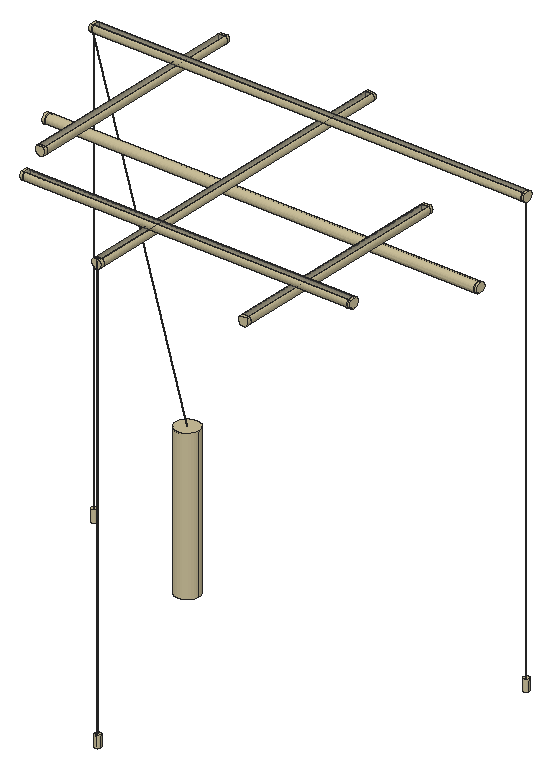
Revit family "PANZERI_HILOW_SUSPENSION_LIGHT", category Lighting Fixtures, host Face, Revit 2018
Family settings
  Host = Face
  Round Connector Dimension = Use Diameter
  Part Type = Normal
  OmniClass Number = 23.80.70.00
  OmniClass Title = Lighting
  Cut with Voids When Loaded = No
  Light Source = Yes
  Shared = No
  Room Calculation Point = Yes
Parameters (values of type "SoftEmission_BlackScreen_MatBrass")
  Wattage = 14.2586 W
  WIDTH = 1130 mm  # constant formula
  WEIGHT = 2.80 kg  # constant formula
  WATTAGE = 80 W  # constant formula
  built-in parameter 1150110 = 1 (stored number, unit not read)
  VOLTAGE = 0 V
  USAGE = "INDOOR - SUSPENSION"  # constant formula
  URL = "https://panzeri.it/en/"
  Type Comments = "Direct and indirect light emission."  # constant formula
  built-in parameter 1114217 = 1 (stored number, unit not read)
  Tilt Angle = -90.00°  # constant formula
  built-in parameter 1150109 = 1 (stored number, unit not read)
  built-in parameter 1150134 = (empty or 0)
  TOTAL HEIGHT [instance] = CABLE LENGTH + HEIGHT  # 1070 mm
  TECHNICAL SHEET = "https://panzeri.it/en/products/product-family/design/indoor/hilow/147/"
  built-in parameter 1150113 = 1 (stored number, unit not read)
  STRUCTURE MATERIAL = PANZERI_ALUMINIUM_POLYACRYLIC_PAINT_MAT_BRASS_19
  Photometric Web File = "Hilow black suspended L029__.115.0502 - 9072.IES"
  built-in parameter 1150105 = 168.55 (stored number, unit not read)
  Lumens = 2118 lm
  built-in parameter 1150115 = 1 (stored number, unit not read)
  Light Source Symbol Size = 300 mm
  built-in parameter 1150137 = (empty or 0)
  built-in parameter 1150139 = (empty or 0)
  built-in parameter 1150112 = 1 (stored number, unit not read)
  built-in parameter 1150114 = 1 (stored number, unit not read)
  LIGHTING SPECIFICATION = "LED 80W | 2700K | Ra>90 | 2118lm | 220-240V AC | dimmable (DALI |Push DIM)"
  built-in parameter 1150132 = 2
  built-in parameter 1150102 = (empty or 0)
  built-in parameter 1150107 = 2700 (stored number, unit not read)
  built-in parameter 1150138 = (empty or 0)
  built-in parameter 1150106 = 1.6855 (stored number, unit not read)
  IP RATING = "IP20"  # constant formula
  IK RATING = ""
  HEIGHT = 70 mm  # constant formula
  FREQUENCY RANGE = "50/60Hz"  # constant formula
  FREQUENCY = 0 Hz
  built-in parameter 1150104 = 13.8 (stored number, unit not read)
  Dimming Lamp Color Temperature Shift = <None>
  DEPTH = 820 mm  # constant formula
  PRODUCT SHEET = "https://www.archiproducts.com/en/products/panzeri/led-aluminium-pendant-lamp-hilow_489087"
  PRODUCT CODE = "L02919.115.0502"
  POWER SUPPLY = "220-240V AC"  # constant formula
  PACKAGING = "87,0 x 118,0 x 14,0 cm"  # constant formula
  Model = "HILOW SUSPENSION"  # constant formula
  Manufacturer = "PANZERI"  # constant formula
  MATERIAL DESCRIPTION = "Extruded aluminium structure in polyacrylic paint. Joints in turned brass and die-cast aluminium in polyacrylic paint. Die-cast aluminium end caps in polyacrylic paint. Extruded polycarbonate diffusers with opaline or black finish. Reversible suspension kit with griplocks and 5m <196,9in> long steel cables. 5m <196,9in> long power cable in transparent PVC."  # constant formula
  Lamp = "LED"  # constant formula
  LAMP MATERIAL = PANZERI_POLYCARBONATE_BLACK_SCREEN_Light_on
  INSTALLATION INSTRUCTIONS = "https://panzeri.it/en/products/product-family/design/indoor/hilow/147/"
  Color Filter = 16777215
  CANOPY MATERIAL = PANZERI_ALUMINIUM_POLYACRYLIC_PAINT_MAT_BRASS_19
  CABLE LENGTH_CONTROL [instance] = 1000 mm
  ENERGY EFFICIENCY CLASS = "N/D"  # constant formula
  Description = "Suspension lighting fixture for interiors, with direct and indirect light emission.‎"  # constant formula
  Default Elevation = 1219.2 mm
  DESIGNER = "Matteo Thun"  # constant formula
  COLOR RENDERING INDEX = "Ra>90"  # constant formula
  COLLECTION = "HILOW"  # constant formula
  CABLE MATERIAL = PANZERI_PVC_TRANSPARENT
  CABLE LENGTH [instance] = if(CABLE LENGTH_CONTROL > 5000 mm, 5000 mm, if(CABLE LENGTH_CONTROL < 1 mm, 1 mm, CABLE LENGTH_CONTROL))  # 1000 mm
  built-in parameter 1114218 = 1 (stored number, unit not read)
  BIM USER MANUAL = "https://bimcad.edilportale.com/PANZERI-BIM-USER-MANUAL-PANZERI-bim.pdf"
  BIM BADGE = "https://bim.archiproducts.com/en/badge/bim-archiproducts-featured_658700/about"
  BIM AUTHOR = "https://bim.archiproducts.com"
  built-in parameter 1150133 = 10 (stored number, unit not read)
  Apparent Load = 0 VA
  AVAILABLE FINISHES = "Structure and Canopy covering: white, mat black, bronze, mat brass or titanium; Diffusers: Opaline or black screen. CUSTOM finishes available only on request."  # constant formula
  ACCESSORIES = "DRIVER: integrated included | Canopy for power supply with 3 outputs and covering included"  # constant formula
Types (2, lengths in mm): name | Wattage | Photometric Web File | built-in parameter 1150105 | Lumens | LIGHTING SPECIFICATION | built-in parameter 1150106 | PRODUCT CODE | LAMP MATERIAL
  HighEmission_OpalScreen_MatBrass | 33.9635 W | "Hilow opal suspended L028__.115.0502 - 9072.IES" | 401.47 (stored number, unit not read) | 5045 lm | "LED 80W | 2700K | Ra>90 | 5045lm | 220-240V AC | dimmable (DALI |Push DIM)" | 4.0147 (stored number, unit not read) | "L02819.115.0502" | PANZERI_POLYCARBONATE_OPALINE_SCREEN_Light_on
  SoftEmission_BlackScreen_MatBrass | 14.2586 W | "Hilow black suspended L029__.115.0502 - 9072.IES" | 168.55 (stored number, unit not read) | 2118 lm | "LED 80W | 2700K | Ra>90 | 2118lm | 220-240V AC | dimmable (DALI |Push DIM)" | 1.6855 (stored number, unit not read) | "L02919.115.0502" | PANZERI_POLYCARBONATE_BLACK_SCREEN_Light_on
Reference planes
  plane 1 "Center (Front/Back)": y = 0
  plane 2: z = 0
  plane 3 "Center (Left/Right)": x = 0
  plane 4 "LIGHT SOURCE PLAN": z = 1070
  plane 5 "TOP": z = 1070
  plane 6 "BOTTOM": z = 1000
  plane 7 "CABLE BOTTOM": z = 29
  plane 8: y = 410
  plane 9: y = -410
  plane 10: x = -565
  plane 11: x = 565
  plane 12 "CABLE PLAN": z = 1045.618
Forms (mm)
  Extrusion 1, solid, material "PANZERI_ALUMINIUM_POLYACRYLIC_PAINT_MAT_BRASS_19" <- "STRUCTURE MATERIAL", detail levels fine
    sketch origin (0, 0, 0) x (1, 0, 0) y (0, 1, 0)
      loop
        circle (-22.5, -405.751) r 6.655
      loop
        circle (-562.828, 259.476) r 6.655
      loop
        circle (467.828, 259.476) r 6.655
    from 0 to 27
  Extrusion 2, solid, material "PANZERI_ALUMINIUM_POLYACRYLIC_PAINT_MAT_BRASS_19" <- "CANOPY MATERIAL", detail levels fine
    sketch origin (0, 0, 0) x (1, 0, 0) y (0, 1, 0)
      loop
        circle (-259.426, 157.025) r 27.5
    from 0 to 354
  Extrusion 3, solid, material "PANZERI_PVC_TRANSPARENT" <- "CABLE MATERIAL", detail levels medium+fine
    sketch origin (0, 0, 0) x (1, 0, 0) y (0, 1, 0)
      loop
        circle (-562.828, 259.476) r 1
      loop
        circle (467.828, 259.476) r 1
      loop
        circle (-22.5, -405.751) r 1
    from 0 to 1045.618
  Blend 4, solid, material "PANZERI_PVC_TRANSPARENT" <- "CABLE MATERIAL", detail levels fine
    base sketch origin (0, 0, 1070) x (-1, 0, 0) y (0, -1, 0)
      loop
        circle (259.426, -157.025) r 1.002
    top sketch origin (0, 0, 1070) x (-1, 0, 0) y (0, -1, 0)
      loop
        circle (562.933, -256.825) r 0.979
    from -716 to -24.382
Lines and regions (mm)
  symbolic lines, detail levels coarse
    curve 1: line (-565, 0, 1070) -> (565, 0, 1070)
    curve 2: line (-565, 0, 1000) -> (-565, 0, 1070)
    curve 3: line (565, 0, 1000) -> (-565, 0, 1000)
    curve 4: line (565, 0, 1070) -> (565, 0, 1000)
    curve 5: line (0, 0, 0) -> (0, 0, 1000)
    curve 6: line (0, 0, 0) -> (0, 0, 1000)
Dimensions and locks
  "TOTAL HEIGHT": plane 5 "TOP" to plane 2
  "HEIGHT": plane 5 "TOP" to plane 6 "BOTTOM"
  equal spacing: curve 4, plane 3 "Center (Left/Right)", curve 2
  "WIDTH": curve 4 to curve 2
  equal spacing: plane 8, plane 1 "Center (Front/Back)", plane 9
  "DEPTH": plane 8 to plane 9
  equal spacing: plane 10, plane 3 "Center (Left/Right)", plane 11
  "WIDTH": plane 10 to plane 11
  locked: plane 7 "CABLE BOTTOM" to plane 2 at 29
  locked: Extrusion 2 to plane 2 at 354
  locked: plane 5 "TOP" to plane 12 "CABLE PLAN" at 24.382
  aligned and locked: plane 2 to host face
  aligned and locked: level to host face
  aligned and locked: curve 1 to plane 5 "TOP"
  aligned and locked: plane 4 "LIGHT SOURCE PLAN" to imposter light
  aligned and locked: plane 12 "CABLE PLAN" to Extrusion 3
  aligned and locked: nested 2 to plane 6 "BOTTOM"
  aligned and locked: plane 4 "LIGHT SOURCE PLAN" to plane 5 "TOP"
  aligned and locked: Blend 4 to Extrusion 2
  aligned and locked: plane 12 "CABLE PLAN" to Blend 4
  aligned and locked: plane 6 "BOTTOM" to curve 5
  aligned and locked: plane 6 "BOTTOM" to curve 6
Automatic sketch dimensions
  host sketch curve to host sketch curve = 2438.4 mm  (x2)
  plane 10 to Extrusion 1 sketch curve = 2.172 mm
  Extrusion 1 sketch curve to plane 9 = 4.249 mm
  Extrusion 1 sketch curve to plane 3 "Center (Left/Right)" = 22.5 mm
  plane 11 to Extrusion 1 sketch curve = 97.172 mm
  Extrusion 1 sketch curve to plane 8 = 150.524 mm  (x2)
  Extrusion 2 sketch curve to plane 3 "Center (Left/Right)" = 259.426 mm
  Extrusion 2 sketch curve to plane 1 "Center (Front/Back)" = 157.025 mm
  plane 10 to Extrusion 3 sketch curve = 2.172 mm
  Extrusion 3 sketch curve to plane 9 = 4.249 mm
  Extrusion 3 sketch curve to plane 3 "Center (Left/Right)" = 22.5 mm
  plane 11 to Extrusion 3 sketch curve = 97.172 mm
  Extrusion 3 sketch curve to plane 8 = 150.524 mm  (x2)
  Blend 4 sketch curve to plane 3 "Center (Left/Right)" = 259.426 mm
  Blend 4 sketch curve to plane 1 "Center (Front/Back)" = 157.025 mm
  plane 10 to Blend 4 sketch curve = 2.067 mm
  Blend 4 sketch curve to plane 8 = 153.175 mm
  curve 5 to plane 1 "Center (Front/Back)" = 0 mm
  curve 5 to level = 0 mm
  curve 6 to level = 0 mm
  curve 6 to plane 3 "Center (Left/Right)" = 0 mm
  radius of Extrusion 1 sketch curve = 6.655 mm  (x3)
  radius of Extrusion 2 sketch curve = 27.5 mm
  radius of Extrusion 3 sketch curve = 1 mm  (x3)
  radius of Blend 4 sketch curve = 1.002 mm
  radius of Blend 4 sketch curve = 0.979 mm
Nested families
  nested 1: "Lighting symbol" at (0, 0, 0) x (0.7071, -0.7071, 0) z (0, 0, 1), Light Source Symbol Size <- "Light Source Symbol Size", type "Lighting symbol", detail levels coarse
    with Light Source Symbol Size 300 mm
  nested 2: "1_body_PANZERI_HILOW_SUSPENSION_LIGHT" at (-0.022, 0.033, 1000), LAMP MATERIAL <- "LAMP MATERIAL", STRUCTURE MATERIAL <- "STRUCTURE MATERIAL", type "1_body_PANZERI_HILOW_SUSPENSION_LIGHT"
    with STRUCTURE MATERIAL PANZERI_ALUMINIUM_POLYACRYLIC_PAINT_MAT_BRASS_19, LAMP MATERIAL PANZERI_POLYCARBONATE_BLACK_SCREEN_Light_on
Connectors
  electrical at (-259.426, 157.025, 0), driven by "VOLTAGE", driven by "Apparent Load"
    settings: on Extrusion 2, index 1, voltage 0 V, apparent load 0 VA, apparent load phase1 0 VA, apparent load phase2 0 VA, apparent load phase3 0 VA, power factor 1, load classification "Lighting", number of poles 1, system type 30, power factor state 1, is connector primary yes, connector utility no, sub classification motor no, connector description ""
Definition of nested family "1_body_PANZERI_HILOW_SUSPENSION_LIGHT"
  Parameters (values of type "1_body_PANZERI_HILOW_SUSPENSION_LIGHT")
    STRUCTURE MATERIAL [instance] = none
    LAMP MATERIAL [instance] = none
    Default Elevation = 1219.2 mm
  Reference planes
    plane 1 "Light Source Axis (F/B)": y = 0
    plane 2: z = 0
    plane 3 "Light Source Axis (L/R)": x = 0
    plane 4 "Light Source Elevation": z = 0
  Forms (mm)
    Extrusion 1, solid, material <- "STRUCTURE MATERIAL", detail levels fine
      sketch origin (47.5, -0.115, 500.134) x (0, 1, 0) y (0, 0, 1)
        loop
          arc (251.707, -434.256) -> (259.46, -454.398) -> (267.214, -434.256) r 11.564
          line (267.214, -434.256) -> (266.543, -434.926)
          arc (266.543, -434.926) -> (259.46, -453.451) -> (252.377, -434.926) r 10.616
          line (252.377, -434.926) -> (251.707, -434.256)
      from -607 to 417
    Extrusion 2, solid, material <- "STRUCTURE MATERIAL", detail levels fine
      sketch origin (47.5, -0.115, 500.134) x (0, 1, 0) y (0, 0, 1)
        loop
          arc (251.707, -434.256) -> (259.46, -454.398) -> (267.214, -434.256) r 11.564
          line (267.214, -434.256) -> (251.707, -434.256)
      from 417 to 423.5
    Extrusion 3, solid, material <- "STRUCTURE MATERIAL", detail levels fine
      sketch origin (-103.5, -0.115, 500.134) x (0, 1, 0) y (0, 0, 1)
        loop
          arc (251.707, -434.256) -> (259.46, -454.398) -> (267.214, -434.256) r 11.564
          line (267.214, -434.256) -> (251.707, -434.256)
      from -462.5 to -456
    Extrusion 4, solid, material <- "LAMP MATERIAL", detail levels fine
      sketch origin (0, 259.379, 45.735) x (0, 1, 0) y (0, 0, 1)
        loop
          line (7.72, 20.143) -> (-7.787, 20.143) -> (-7.116, 19.472) -> (7.049, 19.472) -> (7.72, 20.143)
      from -559.5 to 464.5
    Extrusion 5, solid, material <- "STRUCTURE MATERIAL", detail levels fine
      sketch origin (47.5, 0.115, 500.134) x (0, -1, 0) y (0, 0, -1)
        loop
          line (251.707, 434.256) -> (252.377, 434.926)
          arc (252.377, 434.926) -> (259.46, 453.451) -> (266.543, 434.926) r 10.616
          line (266.543, 434.926) -> (267.214, 434.256)
          arc (267.214, 434.256) -> (259.46, 454.398) -> (251.707, 434.256) r 11.564
      from -357 to 417
    Extrusion 6, solid, material <- "STRUCTURE MATERIAL", detail levels fine
      sketch origin (47.5, 0.115, 500.134) x (0, -1, 0) y (0, 0, -1)
        loop
          line (251.707, 434.256) -> (267.214, 434.256)
          arc (267.214, 434.256) -> (259.46, 454.398) -> (251.707, 434.256) r 11.564
      from 417 to 423.5
    Extrusion 7, solid, material <- "STRUCTURE MATERIAL", detail levels fine
      sketch origin (-103.5, 0.115, 500.134) x (0, -1, 0) y (0, 0, -1)
        loop
          line (251.707, 434.256) -> (267.214, 434.256)
          arc (267.214, 434.256) -> (259.46, 454.398) -> (251.707, 434.256) r 11.564
      from -212.5 to -206
    Extrusion 8, solid, material <- "LAMP MATERIAL", detail levels fine
      sketch origin (0, -259.379, 45.735) x (0, -1, 0) y (0, 0, -1)
        loop
          line (7.72, -20.143) -> (7.049, -19.472) -> (-7.116, -19.472) -> (-7.787, -20.143) -> (7.72, -20.143)
      from -309.5 to 464.5
    Extrusion 9, solid, material <- "STRUCTURE MATERIAL", detail levels fine
      sketch origin (47.5, -259.46, -434.256) x (0, 1, 0) y (0, 0, 1)
        loop
          line (251.707, 434.256) -> (252.377, 434.926)
          arc (252.377, 434.926) -> (259.46, 453.451) -> (266.543, 434.926) r 10.616
          line (266.543, 434.926) -> (267.214, 434.256)
          arc (267.214, 434.256) -> (259.46, 454.398) -> (251.707, 434.256) r 11.564
      from -512 to 512
    Extrusion 10, solid, material <- "STRUCTURE MATERIAL", detail levels fine
      sketch origin (47.5, -259.46, -434.256) x (0, 1, 0) y (0, 0, 1)
        loop
          line (251.707, 434.256) -> (267.214, 434.256)
          arc (267.214, 434.256) -> (259.46, 454.398) -> (251.707, 434.256) r 11.564
      from 512 to 518.5
    Extrusion 11, solid, material <- "STRUCTURE MATERIAL", detail levels fine
      sketch origin (-103.5, -259.46, -434.256) x (0, 1, 0) y (0, 0, 1)
        loop
          line (251.707, 434.256) -> (267.214, 434.256)
          arc (267.214, 434.256) -> (259.46, 454.398) -> (251.707, 434.256) r 11.564
      from -367.5 to -361
    Extrusion 12, solid, material <- "LAMP MATERIAL", detail levels fine
      sketch origin (0, 0.033, 20.143) x (0, 1, 0) y (0, 0, 1)
        loop
          line (7.72, -20.143) -> (7.049, -19.472) -> (-7.116, -19.472) -> (-7.787, -20.143) -> (7.72, -20.143)
      from -464.5 to 559.5
    Extrusion 13, solid, material <- "STRUCTURE MATERIAL", detail levels fine
      sketch origin (0, 0, 0) x (1, 0, 0) y (0, 0, 1)
        loop
          arc (-380.232, 43.044) -> (-372.478, 22.901) -> (-364.725, 43.044) r 11.564
          line (-364.725, 43.044) -> (-365.396, 42.373)
          arc (-365.396, 42.373) -> (-372.478, 23.848) -> (-379.561, 42.373) r 10.616
          line (-379.561, 42.373) -> (-380.232, 43.044)
      from -402.467 to 133.533
    Extrusion 14, solid, material <- "LAMP MATERIAL", detail levels fine
      sketch origin (0, 0, 0) x (1, 0, 0) y (0, 0, 1)
        loop
          line (-379.561, 42.373) -> (-365.396, 42.373) -> (-364.725, 43.044) -> (-380.232, 43.044) -> (-379.561, 42.373)
      from -402.467 to 133.533
    Extrusion 15, solid, material <- "STRUCTURE MATERIAL", detail levels fine
      sketch origin (0, 0, 0) x (1, 0, 0) y (0, 0, 1)
        loop
          arc (-380.232, 43.044) -> (-372.478, 22.901) -> (-364.725, 43.044) r 11.564
          line (-364.725, 43.044) -> (-380.232, 43.044)
      from 133.533 to 140.033
    Extrusion 16, solid, material <- "STRUCTURE MATERIAL", detail levels fine
      sketch origin (0, 50.033, 0) x (1, 0, 0) y (0, 0, 1)
        loop
          arc (-380.232, 43.044) -> (-372.478, 22.901) -> (-364.725, 43.044) r 11.564
          line (-364.725, 43.044) -> (-380.232, 43.044)
      from -358.933 to -352.433
    Extrusion 17, solid, material <- "STRUCTURE MATERIAL", detail levels fine
      sketch origin (350, 0, 0) x (1, 0, 0) y (0, 0, 1)
        loop
          arc (-380.232, 43.044) -> (-372.478, 22.901) -> (-364.725, 43.044) r 11.564
          line (-364.725, 43.044) -> (-365.396, 42.373)
          arc (-365.396, 42.373) -> (-372.478, 23.848) -> (-379.561, 42.373) r 10.616
          line (-379.561, 42.373) -> (-380.232, 43.044)
      from -402.467 to 402.533
    Extrusion 18, solid, material <- "LAMP MATERIAL", detail levels fine
      sketch origin (350, 0, 0) x (1, 0, 0) y (0, 0, 1)
        loop
          line (-379.561, 42.373) -> (-365.396, 42.373) -> (-364.725, 43.044) -> (-380.232, 43.044) -> (-379.561, 42.373)
      from -402.467 to 402.533
    Extrusion 19, solid, material <- "STRUCTURE MATERIAL", detail levels fine
      sketch origin (350, 0, 0) x (1, 0, 0) y (0, 0, 1)
        loop
          arc (-380.232, 43.044) -> (-372.478, 22.901) -> (-364.725, 43.044) r 11.564
          line (-364.725, 43.044) -> (-380.232, 43.044)
      from 402.533 to 409.033
    Extrusion 20, solid, material <- "STRUCTURE MATERIAL", detail levels fine
      sketch origin (350, 50.033, 0) x (1, 0, 0) y (0, 0, 1)
        loop
          arc (-380.232, 43.044) -> (-372.478, 22.901) -> (-364.725, 43.044) r 11.564
          line (-364.725, 43.044) -> (-380.232, 43.044)
      from -358.933 to -352.433
    Extrusion 21, solid, material <- "STRUCTURE MATERIAL", detail levels fine
      sketch origin (700, 0, 0) x (1, 0, 0) y (0, 0, 1)
        loop
          arc (-380.232, 43.044) -> (-372.478, 22.901) -> (-364.725, 43.044) r 11.564
          line (-364.725, 43.044) -> (-365.396, 42.373)
          arc (-365.396, 42.373) -> (-372.478, 23.848) -> (-379.561, 42.373) r 10.616
          line (-379.561, 42.373) -> (-380.232, 43.044)
      from -133.467 to 402.533
    Extrusion 22, solid, material <- "LAMP MATERIAL", detail levels fine
      sketch origin (700, 0, 0) x (1, 0, 0) y (0, 0, 1)
        loop
          line (-379.561, 42.373) -> (-365.396, 42.373) -> (-364.725, 43.044) -> (-380.232, 43.044) -> (-379.561, 42.373)
      from -133.467 to 402.533
    Extrusion 23, solid, material <- "STRUCTURE MATERIAL", detail levels fine
      sketch origin (700, 0, 0) x (1, 0, 0) y (0, 0, 1)
        loop
          arc (-380.232, 43.044) -> (-372.478, 22.901) -> (-364.725, 43.044) r 11.564
          line (-364.725, 43.044) -> (-380.232, 43.044)
      from 402.533 to 409.033
    Extrusion 24, solid, material <- "STRUCTURE MATERIAL", detail levels fine
      sketch origin (700, 50.033, 0) x (1, 0, 0) y (0, 0, 1)
        loop
          arc (-380.232, 43.044) -> (-372.478, 22.901) -> (-364.725, 43.044) r 11.564
          line (-364.725, 43.044) -> (-380.232, 43.044)
      from -89.933 to -83.433
    Extrusion 25, solid, detail levels medium
      sketch origin (0, 0, 0) x (1, 0, 0) y (0, 1, 0)
        loop
          line (-384.097, 408.967) -> (-384.097, 270.935) -> (-566, 270.935) -> (-566, -48.436) -> (-384.042, -48.436) -> (-384.042, -270.944) -> (-34.042, -270.944) -> (-34.042, -409.033) -> (339.069, -409.033) -> (339.069, -270.778) -> (566, -270.778) -> (566, 11.555) -> (471, 11.555) -> (471, 288.967) -> (-10.915, 288.967) -> (-10.915, 408.967) -> (-384.097, 408.967)
      from 0 to 65.878
  Lines and regions (mm)
    symbolic lines, detail levels coarse
      curve 1: line (-566, 0, 65.878) -> (566, 0, 65.878)
      curve 2: line (-566, 0, 0) -> (-566, 0, 65.878)
      curve 3: line (566, 0, 0) -> (-566, 0, 0)
      curve 4: line (566, 0, 65.878) -> (566, 0, 0)
      curve 5: line (0, 408.967, 65.878) -> (0, -409.033, 65.878)
      curve 6: line (0, 408.967, 0) -> (0, 408.967, 65.878)
      curve 7: line (0, -409.033, 0) -> (0, 408.967, 0)
      curve 8: line (0, -409.033, 65.878) -> (0, -409.033, 0)
  Dimensions and locks
    aligned and locked: level to plane 2
Definition of nested family "Lighting symbol"
  Parameters (values of type "Lighting symbol")
    Light Source Symbol Size [instance] = 350 mm
  Reference planes
    plane 1 "Center (Front/Back)": y = 0
    plane 2: z = 0
    plane 3 "Center (Left/Right)": x = 0
  Lines and regions (mm)
    detail lines, in view "Ref. Level", detail levels coarse
      curve 1: circle (0, 0, 0) r 175 normal (0, 0, 1)
      curve 2: line (175, 0, 0) -> (-175, 0, 0)
      curve 3: line (0, 175, 0) -> (0, -175, 0)
  Dimensions and locks
    "Light Source Symbol Size": diameter of curve 1
    aligned and locked: curve 3 to plane 3 "Center (Left/Right)"
    aligned and locked: curve 2 to plane 1 "Center (Front/Back)"
  Automatic sketch dimensions
    plane 1 "Center (Front/Back)" to curve 1 = 0 mm
    curve 1 to plane 3 "Center (Left/Right)" = 0 mm
